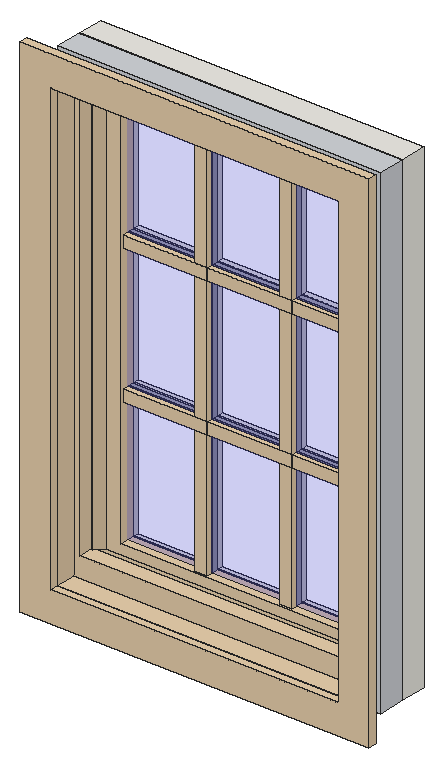
Revit family "Window-Casement-Andersen-E_Series 3", category Windows, host Wall, Revit 2013 (continued)
Dimensions and locks (in)
  aligned and locked: Masking region 6 sketch curve to plane 48 "Frame S1"
  aligned and locked: plane 42 "B Casing 1" to Masking region 6 sketch curve
  aligned and locked: plane 46 "Casing S1" to Masking region 6 sketch curve
  aligned and locked: Masking region 6 sketch curve to plane 37 "T Casing 4"
  aligned and locked: Masking region 6 sketch curve to plane 49 "Flange"
  aligned and locked: plane 7 "T Frame" to Masking region 6 sketch curve
  aligned and locked: plane 36 "T Casing 3" to curve 23
  aligned and locked: plane 46 "Casing S1" to curve 23
  aligned and locked: plane 35 "T Casing 2" to curve 23
  aligned and locked: plane 47 "Casing S2" to curve 23
  aligned and locked: plane 32 "T Casing 1" to curve 25
  aligned and locked: plane 48 "Frame S1" to curve 25
  aligned and locked: plane 29 "T Glazing" to curve 26
  aligned and locked: plane 29 "T Glazing" to curve 27
  aligned and locked: plane 29 "T Glazing" to curve 28
  aligned and locked: plane 29 "T Glazing" to curve 29
  aligned and locked: plane 50 "Glass1 S1" to curve 26
  aligned and locked: plane 51 "Glass1 S2" to curve 27
  aligned and locked: plane 52 "Glass1 S3" to curve 28
  aligned and locked: plane 53 "Glass1 S4" to curve 29
  aligned and locked: plane 37 "T Casing 4" to Masking region 7 sketch curve
  aligned and locked: plane 17 "L Casing 4" to Masking region 7 sketch curve
  aligned and locked: Masking region 7 sketch curve to plane 27 "R Casing 4"
  aligned and locked: Masking region 7 sketch curve to plane 43 "B Casing 2"
  aligned and locked: plane 7 "T Frame" to Masking region 8 sketch curve
  aligned and locked: plane 5 "L Frame" to Masking region 8 sketch curve
  aligned and locked: Masking region 8 sketch curve to plane 4 "R Frame"
  aligned and locked: Masking region 8 sketch curve to plane 6 "B Frame"
  aligned and locked: plane 29 "T Glazing" to curve 34
  aligned and locked: curve 36 to plane 18 "R Glazing"
  aligned and locked: plane 8 "L Glazing" to curve 35
  aligned and locked: curve 37 to plane 39 "B Glazing"
  aligned and locked: plane 7 "T Frame" to Masking region 9 sketch curve
  aligned and locked: Masking region 9 sketch curve to plane 4 "R Frame"
  aligned and locked: plane 5 "L Frame" to Masking region 9 sketch curve
  aligned and locked: Masking region 9 sketch curve to plane 6 "B Frame"
  aligned and locked: plane 31 "T Xjamb 1" to Masking region 10 sketch curve
  aligned and locked: Masking region 10 sketch curve to plane 21 "R Xjamb 1"
  aligned and locked: plane 11 "L Xjamb 1" to Masking region 10 sketch curve
  aligned and locked: Masking region 10 sketch curve to plane 56 "B Xjamb 1"
  aligned and locked: Masking region 10 sketch curve to plane 44 "B Int Casing"
  aligned and locked: plane 45 "L Int Casing" to Masking region 10 sketch curve
  aligned and locked: Masking region 10 sketch curve to plane 28 "R Int Casing"
  aligned and locked: plane 38 "T Int Casing" to Masking region 10 sketch curve
  aligned and locked: plane 46 "Casing S1" to curve 43
  aligned and locked: plane 48 "Frame S1" to curve 43
  aligned and locked: plane 5 "L Frame" to curve 43
  aligned and locked: Masking region 3 sketch curve to host wall
  aligned and locked: plane 31 "T Xjamb 1" to Extrusion 3 sketch curve
  aligned and locked: plane 33 "T Xjamb 2" to Extrusion 3 sketch curve
  aligned and locked: Extrusion 3 sketch curve to plane 21 "R Xjamb 1"
  aligned and locked: Extrusion 3 sketch curve to plane 23 "R Xjamb 2"
  aligned and locked: plane 11 "L Xjamb 1" to Extrusion 3 sketch curve
  aligned and locked: plane 13 "L Xjamb 2" to Extrusion 3 sketch curve
  aligned and locked: Extrusion 3 sketch curve to plane 56 "B Xjamb 1"
  aligned and locked: Extrusion 3 sketch curve to plane 41 "B Xjamb 2"
  aligned and locked: plane 31 "T Xjamb 1" to Extrusion 4 sketch curve
  aligned and locked: plane 38 "T Int Casing" to Extrusion 4 sketch curve
  aligned and locked: Extrusion 4 sketch curve to plane 21 "R Xjamb 1"
  aligned and locked: Extrusion 4 sketch curve to plane 28 "R Int Casing"
  aligned and locked: plane 11 "L Xjamb 1" to Extrusion 4 sketch curve
  aligned and locked: plane 45 "L Int Casing" to Extrusion 4 sketch curve
  aligned and locked: Extrusion 4 sketch curve to plane 56 "B Xjamb 1"
  aligned and locked: Extrusion 4 sketch curve to plane 44 "B Int Casing"
  aligned and locked: Extrusion 4 to host wall
  aligned and locked: Extrusion 4 to plane 58 "Interior Casing"
  aligned and locked: plane 42 "B Casing 1" to Extrusion 5 sketch curve
  aligned and locked: plane 48 "Frame S1" to Extrusion 5 sketch curve
  aligned and locked: Extrusion 5 sketch curve to plane 42 "B Casing 1"
  aligned and locked: plane 43 "B Casing 2" to Extrusion 5 sketch curve
  aligned and locked: plane 43 "B Casing 2" to Sweep 6 sketch curve  (x2)
  aligned and locked: plane 17 "L Casing 4" to Sweep 6 sketch curve  (x2)
  aligned and locked: Sweep 6 sketch curve to plane 27 "R Casing 4"
  aligned and locked: plane 37 "T Casing 4" to Sweep 6 sketch curve
  aligned and locked: plane 16 "L Casing 3" to Sweep 6 sketch curve
  aligned and locked: plane 47 "Casing S2" to Sweep 6 sketch curve
  aligned and locked: Sweep 6 sketch curve to plane 46 "Casing S1"
  aligned and locked: plane 49 "Flange" to Sweep 6 sketch curve
  aligned and locked: Sweep 6 sketch curve to plane 12 "L Casing 1"
  aligned and locked: Sweep 6 sketch curve to plane 47 "Casing S2"
  aligned and locked: plane 15 "L Casing 2" to Sweep 6 sketch curve
  aligned and locked: Extrusion 5 to plane 17 "L Casing 4"
  aligned and locked: plane 27 "R Casing 4" to Extrusion 5
  aligned and locked: plane 32 "T Casing 1" to Extrusion 7 sketch curve
  aligned and locked: plane 37 "T Casing 4" to Extrusion 7 sketch curve
  aligned and locked: plane 12 "L Casing 1" to Extrusion 7 sketch curve
  aligned and locked: plane 17 "L Casing 4" to Extrusion 7 sketch curve
  aligned and locked: Extrusion 7 sketch curve to plane 22 "R Casing 1"
  aligned and locked: Extrusion 7 sketch curve to plane 27 "R Casing 4"
  aligned and locked: Extrusion 7 sketch curve to plane 42 "B Casing 1"
  aligned and locked: Extrusion 7 sketch curve to plane 43 "B Casing 2"
  aligned and locked: plane 46 "Casing S1" to Extrusion 7
  aligned and locked: plane 49 "Flange" to Extrusion 7
  aligned and locked: plane 8 "L Glazing" to Extrusion 8 sketch curve
  aligned and locked: Extrusion 8 sketch curve to plane 18 "R Glazing"
  aligned and locked: plane 29 "T Glazing" to Extrusion 8 sketch curve
  aligned and locked: plane 50 "Glass1 S1" to Extrusion 8
  aligned and locked: Extrusion 8 to plane 54 "Sash1 S2"
  aligned and locked: Extrusion 9 sketch curve to plane 8 "L Glazing"
  aligned and locked: Extrusion 9 sketch curve to plane 29 "T Glazing"
  aligned and locked: plane 18 "R Glazing" to Extrusion 9 sketch curve
  aligned and locked: Extrusion 9 to plane 50 "Glass1 S1"
  aligned and locked: plane 29 "T Glazing" to Extrusion 10 sketch curve
  aligned and locked: plane 8 "L Glazing" to Extrusion 10 sketch curve
  aligned and locked: Extrusion 10 sketch curve to plane 18 "R Glazing"
  aligned and locked: plane 50 "Glass1 S1" to Extrusion 10
  aligned and locked: Extrusion 10 to plane 53 "Glass1 S4"
  aligned and locked: plane 17 "L Casing 4" to curve 44
  aligned and locked: curve 44 to plane 49 "Flange"
  aligned and locked: plane 27 "R Casing 4" to curve 45
  aligned and locked: curve 45 to plane 49 "Flange"
  aligned and locked: plane 37 "T Casing 4" to curve 46
  aligned and locked: plane 49 "Flange" to curve 46
  aligned and locked: plane 43 "B Casing 2" to curve 47
  aligned and locked: curve 47 to plane 49 "Flange"
  aligned and locked: nested 1 to plane 29 "T Glazing"
  aligned and locked: nested 1 to plane 3 "Center (Left/Right)"
  aligned and locked: plane 8 "L Glazing" to nested 2
  aligned and locked: nested 3 to plane 29 "T Glazing"
  aligned and locked: plane 8 "L Glazing" to nested 4
  aligned and locked: nested 5 to plane 29 "T Glazing"
  aligned and locked: plane 8 "L Glazing" to nested 6
  aligned and locked: plane 8 "L Glazing" to nested 7
  aligned and locked: Extrusion 5 sketch curve to plane 49 "Flange"
  aligned and locked: host wall to Masking region 11 sketch curve
  aligned and locked: plane 4 "R Frame" to Masking region 11 sketch curve
  aligned and locked: Masking region 11 sketch curve to plane 5 "L Frame"
  aligned and locked: plane 57 "Exterior Offset" to Masking region 11 sketch curve
  aligned and locked: plane 27 "R Casing 4" to Masking region 11 sketch curve
  aligned and locked: Masking region 11 sketch curve to plane 17 "L Casing 4"
  aligned and locked: plane 39 "B Glazing" to Extrusion 8 sketch curve
  aligned and locked: curve 11 to plane 66 "Sash1 S1"
  aligned and locked: plane 66 "Sash1 S1" to curve 15
  aligned and locked: plane 66 "Sash1 S1" to Extrusion 9
  aligned and locked: plane 47 "Casing S2" to curve 6
  aligned and locked: plane 46 "Casing S1" to curve 42
  aligned and locked: host wall to curve 19
  aligned and locked: plane 7 "T Frame" to Extrusion 11 sketch curve
  aligned and locked: Extrusion 11 sketch curve to plane 4 "R Frame"
  aligned and locked: Extrusion 11 sketch curve to plane 6 "B Frame"
  aligned and locked: plane 5 "L Frame" to Extrusion 11 sketch curve
  aligned and locked: plane 30 "T Ext Frame" to Extrusion 11 sketch curve
  aligned and locked: Extrusion 11 sketch curve to plane 19 "R Ext Frame"
  aligned and locked: plane 9 "L Ext Frame" to Extrusion 11 sketch curve
  aligned and locked: Extrusion 11 sketch curve to plane 40 "B Ext Frame"
  aligned and locked: plane 48 "Frame S1" to Extrusion 11
  aligned and locked: Extrusion 10 sketch curve to plane 39 "B Glazing"
  aligned and locked: plane 39 "B Glazing" to curve 28
  aligned and locked: plane 39 "B Glazing" to curve 27
  aligned and locked: plane 39 "B Glazing" to curve 29
  aligned and locked: plane 39 "B Glazing" to curve 26
  aligned and locked: plane 39 "B Glazing" to Extrusion 9 sketch curve
  aligned and locked: plane 49 "Flange" to curve 48
  aligned and locked: curve 92 to plane 49 "Flange"
  aligned and locked: curve 19 to plane 20 "R Stop"
  aligned and locked: plane 68 "L Sash" to curve 18
  aligned and locked: plane 54 "Sash1 S2" to curve 18
  aligned and locked: plane 54 "Sash1 S2" to curve 14
  aligned and locked: plane 55 "Frame S2" to Masking region 1 sketch curve
  aligned and locked: plane 69 "Stop S1" to curve 117
  aligned and locked: plane 69 "Stop S1" to curve 115
  aligned and locked: Masking region 1 sketch curve to plane 55 "Frame S2"
  aligned and locked: plane 49 "Flange" to curve 164
  aligned and locked: plane 69 "Stop S1" to Masking region 4 sketch curve
  aligned and locked: plane 55 "Frame S2" to Masking region 4 sketch curve
  aligned and locked: Masking region 4 sketch curve to plane 55 "Frame S2"
  aligned and locked: plane 71 "T Sash" to Extrusion 9 sketch curve
  aligned and locked: plane 68 "L Sash" to Extrusion 9 sketch curve
  aligned and locked: Extrusion 9 sketch curve to plane 67 "R Sash"
  aligned and locked: plane 70 "B Sash" to Extrusion 9 sketch curve
  aligned and locked: Extrusion 8 sketch curve to plane 71 "T Sash"
  aligned and locked: Extrusion 8 sketch curve to plane 68 "L Sash"
  aligned and locked: plane 67 "R Sash" to Extrusion 8 sketch curve
  aligned and locked: plane 70 "B Sash" to Extrusion 8 sketch curve
  aligned and locked: Extrusion 11 to plane 54 "Sash1 S2"
  aligned and locked: plane 72 "T Int Frame" to Extrusion 12 sketch curve
  aligned and locked: plane 74 "L Int Frame" to Extrusion 12 sketch curve
  aligned and locked: Extrusion 12 sketch curve to plane 75 "R Int Frame"
  aligned and locked: Extrusion 12 sketch curve to plane 73 "B Int Frame"
  aligned and locked: Extrusion 12 sketch curve to plane 6 "B Frame"
  aligned and locked: Extrusion 12 sketch curve to plane 4 "R Frame"
  aligned and locked: plane 7 "T Frame" to Extrusion 12 sketch curve
  aligned and locked: plane 5 "L Frame" to Extrusion 12 sketch curve
  aligned and locked: plane 54 "Sash1 S2" to Extrusion 12
  aligned and locked: Extrusion 12 to plane 55 "Frame S2"
  aligned and locked: plane 75 "R Int Frame" to Extrusion 13
  aligned and locked: Extrusion 13 to plane 74 "L Int Frame"
  aligned and locked: Extrusion 14 sketch curve to plane 54 "Sash1 S2"
  aligned and locked: Extrusion 14 sketch curve to plane 75 "R Int Frame"
  aligned and locked: plane 69 "Stop S1" to Extrusion 14 sketch curve
  aligned and locked: plane 20 "R Stop" to Extrusion 14 sketch curve
  aligned and locked: plane 10 "L Stop" to Extrusion 14 sketch curve
  aligned and locked: plane 54 "Sash1 S2" to Extrusion 14 sketch curve
  aligned and locked: Extrusion 14 sketch curve to plane 74 "L Int Frame"
  aligned and locked: Extrusion 14 sketch curve to plane 69 "Stop S1"
  aligned and locked: plane 73 "B Int Frame" to Extrusion 14
  aligned and locked: Extrusion 14 to plane 72 "T Int Frame"
  aligned and locked: plane 75 "R Int Frame" to Extrusion 15
  aligned and locked: Extrusion 15 to plane 74 "L Int Frame"
  aligned and locked: Masking region 1 sketch curve to plane 75 "R Int Frame"
  aligned and locked: Masking region 1 sketch curve to plane 74 "L Int Frame"
  aligned and locked: plane 7 "T Frame" to Sweep 16 sketch curve
  aligned and locked: plane 5 "L Frame" to Sweep 16 sketch curve
  aligned and locked: Sweep 16 sketch curve to plane 6 "B Frame"
  aligned and locked: Sweep 16 sketch curve to plane 4 "R Frame"
  aligned and locked: Sweep 16 sketch curve to plane 55 "Frame S2"
  aligned and locked: plane 65 "Xjamb S1" to Extrusion 3
  aligned and locked: host wall to Extrusion 3
  aligned and locked: Masking region 4 sketch curve to plane 72 "T Int Frame"
  aligned and locked: Masking region 4 sketch curve to plane 73 "B Int Frame"
  aligned and locked: Extrusion 17 sketch curve to plane 54 "Sash1 S2"
  aligned and locked: plane 74 "L Int Frame" to Extrusion 17 sketch curve
  aligned and locked: plane 69 "Stop S1" to Extrusion 17 sketch curve
  aligned and locked: Extrusion 17 sketch curve to plane 10 "L Stop"
  aligned and locked: plane 75 "R Int Frame" to Extrusion 17 sketch curve
  aligned and locked: plane 54 "Sash1 S2" to Extrusion 17 sketch curve
  aligned and locked: Extrusion 17 sketch curve to plane 69 "Stop S1"
  aligned and locked: Extrusion 17 sketch curve to plane 20 "R Stop"
  aligned and locked: Extrusion 17 to plane 72 "T Int Frame"
  aligned and locked: plane 73 "B Int Frame" to Extrusion 17
  aligned and locked: plane 54 "Sash1 S2" to Extrusion 18 sketch curve  (x2)
  aligned and locked: Extrusion 18 sketch curve to plane 72 "T Int Frame"
  aligned and locked: Extrusion 18 sketch curve to plane 69 "Stop S1"
  aligned and locked: plane 73 "B Int Frame" to Extrusion 18 sketch curve
  aligned and locked: Extrusion 18 to plane 74 "L Int Frame"
  aligned and locked: plane 75 "R Int Frame" to Extrusion 18
  aligned and locked: plane 72 "T Int Frame" to Extrusion 15 sketch curve
  aligned and locked: Extrusion 15 sketch curve to plane 54 "Sash1 S2"
  aligned and locked: plane 69 "Stop S1" to Extrusion 15 sketch curve
  aligned and locked: plane 54 "Sash1 S2" to Extrusion 13 sketch curve
  aligned and locked: plane 73 "B Int Frame" to Extrusion 13 sketch curve
  aligned and locked: Extrusion 13 sketch curve to plane 69 "Stop S1"
  aligned and locked: plane 18 "R Glazing" to curve 59
  aligned and locked: plane 8 "L Glazing" to curve 103
  aligned and locked: plane 76 "T Stop" to curve 38
  aligned and locked: plane 10 "L Stop" to curve 41
  aligned and locked: curve 40 to plane 77 "B Stop"
  aligned and locked: curve 39 to plane 20 "R Stop"
  aligned and locked: plane 72 "T Int Frame" to curve 214
  aligned and locked: curve 215 to plane 75 "R Int Frame"
  aligned and locked: plane 74 "L Int Frame" to curve 217
  aligned and locked: curve 216 to plane 73 "B Int Frame"
  aligned and locked: plane 71 "T Sash" to curve 218
  aligned and locked: plane 68 "L Sash" to curve 218
  aligned and locked: plane 68 "L Sash" to curve 219
  aligned and locked: plane 70 "B Sash" to curve 219
  aligned and locked: plane 67 "R Sash" to curve 219
  aligned and locked: curve 32 to plane 70 "B Sash"
  aligned and locked: plane 68 "L Sash" to curve 31
  aligned and locked: plane 71 "T Sash" to curve 30
  aligned and locked: curve 33 to plane 67 "R Sash"
  aligned and locked: plane 29 "T Glazing" to curve 162
  aligned and locked: plane 4 "R Frame" to curve 240
  aligned and locked: plane 5 "L Frame" to curve 240
  aligned and locked: host wall to curve 240
  aligned and locked: Masking region 12 sketch curve to plane 65 "Xjamb S1"  (x2)
  aligned and locked: Masking region 12 sketch curve to Sweep 16  (x3)
  aligned and locked: Masking region 12 sketch curve to plane 72 "T Int Frame"
  aligned and locked: Masking region 12 sketch curve to plane 69 "Stop S1"
  aligned and locked: plane 73 "B Int Frame" to Masking region 12 sketch curve
  aligned and locked: Masking region 13 sketch curve to plane 33 "T Xjamb 2"
  aligned and locked: plane 65 "Xjamb S1" to Masking region 13 sketch curve  (x2)
  aligned and locked: plane 72 "T Int Frame" to Masking region 13 sketch curve
  aligned and locked: plane 69 "Stop S1" to Masking region 13 sketch curve
  aligned and locked: Masking region 13 sketch curve to plane 73 "B Int Frame"
  aligned and locked: plane 41 "B Xjamb 2" to Masking region 13 sketch curve
  aligned and locked: host wall to Masking region 13 sketch curve
  aligned and locked: host wall to Masking region 14 sketch curve
  aligned and locked: Masking region 14 sketch curve to plane 44 "B Int Casing"
  aligned and locked: plane 58 "Interior Casing" to Masking region 14 sketch curve
  aligned and locked: plane 38 "T Int Casing" to Masking region 14 sketch curve
  aligned and locked: plane 65 "Xjamb S1" to curve 244
  aligned and locked: Sweep 16 to curve 244
  aligned and locked: plane 73 "B Int Frame" to curve 244
  aligned and locked: plane 65 "Xjamb S1" to curve 245
  aligned and locked: host wall to curve 245
  aligned and locked: plane 56 "B Xjamb 1" to curve 245
  aligned and locked: plane 58 "Interior Casing" to curve 246
  aligned and locked: plane 56 "B Xjamb 1" to curve 246
  aligned and locked: plane 65 "Xjamb S1" to curve 241
  aligned and locked: Sweep 16 to curve 241
  aligned and locked: plane 72 "T Int Frame" to curve 241
  aligned and locked: plane 65 "Xjamb S1" to curve 242
  aligned and locked: host wall to curve 242
  aligned and locked: plane 31 "T Xjamb 1" to curve 242
  aligned and locked: plane 58 "Interior Casing" to curve 243
  aligned and locked: plane 31 "T Xjamb 1" to curve 243
  aligned and locked: Masking region 15 sketch curve to plane 65 "Xjamb S1"  (x2)
  aligned and locked: plane 75 "R Int Frame" to Masking region 15 sketch curve
  aligned and locked: Masking region 15 sketch curve to plane 69 "Stop S1"
  aligned and locked: Masking region 15 sketch curve to plane 74 "L Int Frame"
  aligned and locked: Masking region 15 sketch curve to Sweep 16  (x3)
  aligned and locked: Masking region 16 sketch curve to plane 65 "Xjamb S1"  (x2)
  aligned and locked: plane 75 "R Int Frame" to Masking region 16 sketch curve
  aligned and locked: Masking region 16 sketch curve to plane 69 "Stop S1"
  aligned and locked: Masking region 16 sketch curve to plane 74 "L Int Frame"
  aligned and locked: plane 13 "L Xjamb 2" to Masking region 16 sketch curve
  aligned and locked: Masking region 16 sketch curve to host wall
  aligned and locked: Masking region 16 sketch curve to plane 23 "R Xjamb 2"
  aligned and locked: host wall to Masking region 17 sketch curve
  aligned and locked: plane 45 "L Int Casing" to Masking region 17 sketch curve
  aligned and locked: plane 58 "Interior Casing" to Masking region 17 sketch curve
  aligned and locked: Masking region 17 sketch curve to plane 28 "R Int Casing"
  aligned and locked: plane 65 "Xjamb S1" to curve 250
  aligned and locked: Sweep 16 to curve 250
  aligned and locked: plane 74 "L Int Frame" to curve 250
  aligned and locked: plane 65 "Xjamb S1" to curve 251
  aligned and locked: host wall to curve 251
  aligned and locked: plane 11 "L Xjamb 1" to curve 251
  aligned and locked: plane 58 "Interior Casing" to curve 252
  aligned and locked: plane 11 "L Xjamb 1" to curve 252
  aligned and locked: plane 65 "Xjamb S1" to curve 247
  aligned and locked: Sweep 16 to curve 247
  aligned and locked: plane 75 "R Int Frame" to curve 247
  aligned and locked: plane 65 "Xjamb S1" to curve 248
  aligned and locked: host wall to curve 248
  aligned and locked: plane 21 "R Xjamb 1" to curve 248
  aligned and locked: plane 58 "Interior Casing" to curve 249
  aligned and locked: plane 21 "R Xjamb 1" to curve 249
  aligned and locked: plane 6 "B Frame" to curve 165
  aligned and locked: plane 49 "Flange" to curve 165
Automatic sketch dimensions
  curve 42 to curve 42 = 0' - 0 3/8"
  curve 13 to curve 13 = 0' - 2.27971"
  Extrusion 18 sketch curve to plane 69 "Stop S1" = 0' - 0"
  curve 51 to curve 58 = 0' - 0.09496"
  curve 52 to curve 55 = 0' - 0.15771"
  curve 54 to curve 220 = 0' - 0.937"
  curve 220 to curve 50 = 0' - 0.18621"
  curve 50 to curve 54 = 0' - 0.47054"
  curve 60 to curve 58 = 0' - 0.35925"
  curve 64 to curve 63 = 0' - 0.53631"
  curve 82 to curve 59 = 0' - 0.26575"
  curve 63 to curve 62 = 0' - 0.08869"
  curve 48 to curve 51 = 0' - 2.15659"
  curve 48 to curve 51 = 0' - 0.65659"
  curve 51 to curve 57 = 0' - 0.18874"
  curve 54 to curve 53 = 0' - 0.49821"
  curve 88 to curve 62 = 0' - 0.12475"
  curve 88 to curve 86 = 0' - 0.12475"
  curve 88 to curve 87 = 0' - 0.12475"
  curve 220 to curve 53 = 0' - 1.04975"
  curve 53 to curve 54 = 0' - 0.141"
  curve 54 to curve 64 = 0' - 0.07999"
  curve 54 to curve 51 = 0' - 0.5427"
  curve 63 to curve 62 = 0' - 0.50301"
  curve 51 to curve 56 = 0' - 0.4898"
  curve 62 to curve 60 = 0' - 0 5/8"
  curve 59 to curve 59 = 0' - 0.13662"
  curve 59 to curve 83 = 0' - 0.13987"
  curve 56 to curve 57 = 0' - 0.55"
  curve 221 to curve 220 = 0' - 1"
  curve 49 to curve 221 = 0' - 0"
  curve 62 to curve 88 = 0' - 0 1/8"
  curve 51 to curve 48 = 0' - 0.33405"
  curve 86 to curve 59 = 0' - 0 1/8"
  curve 57 to curve 51 = 0' - 0.35675"
  curve 68 to curve 75 = 0' - 0.09496"
  curve 69 to curve 72 = 0' - 0.15771"
  curve 71 to curve 222 = 0' - 0.937"
  curve 222 to curve 67 = 0' - 0.18621"
  curve 67 to curve 71 = 0' - 0.47054"
  curve 77 to curve 75 = 0' - 0.35925"
  curve 81 to curve 80 = 0' - 0.53631"
  curve 84 to curve 76 = 0' - 0.26575"
  curve 80 to curve 79 = 0' - 0.08869"
  curve 65 to curve 68 = 0' - 2.15659"
  curve 65 to curve 68 = 0' - 0.65659"
  curve 68 to curve 74 = 0' - 0.18874"
  curve 71 to curve 70 = 0' - 0.49821"
  curve 91 to curve 79 = 0' - 0.12475"
  curve 91 to curve 89 = 0' - 0.12475"
  curve 91 to curve 90 = 0' - 0.12475"
  curve 222 to curve 70 = 0' - 1.04975"
  curve 70 to curve 71 = 0' - 0.141"
  curve 71 to curve 81 = 0' - 0.07999"
  curve 71 to curve 68 = 0' - 0.5427"
  curve 80 to curve 79 = 0' - 0.50301"
  curve 68 to curve 73 = 0' - 0.4898"
  curve 79 to curve 77 = 0' - 0 5/8"
  curve 76 to curve 76 = 0' - 0.13662"
  curve 76 to curve 85 = 0' - 0.13987"
  curve 73 to curve 74 = 0' - 0.55"
  curve 223 to curve 222 = 0' - 1"
  curve 66 to curve 223 = 0' - 0"
  curve 79 to curve 91 = 0' - 0 1/8"
  curve 68 to curve 65 = 0' - 0.33405"
  curve 89 to curve 76 = 0' - 0 1/8"
  curve 74 to curve 68 = 0' - 0.35675"
  curve 95 to curve 102 = 0' - 0.09496"
  curve 96 to curve 99 = 0' - 0.15771"
  curve 98 to curve 224 = 0' - 0.937"
  curve 224 to curve 94 = 0' - 0.18621"
  curve 94 to curve 98 = 0' - 0.47054"
  curve 104 to curve 102 = 0' - 0.35925"
  curve 108 to curve 107 = 0' - 0.53631"
  curve 109 to curve 103 = 0' - 0.26575"
  curve 107 to curve 106 = 0' - 0.08869"
  curve 92 to curve 95 = 0' - 2.15659"
  curve 92 to curve 95 = 0' - 0.65659"
  curve 95 to curve 101 = 0' - 0.18874"
  curve 98 to curve 97 = 0' - 0.49821"
  curve 113 to curve 106 = 0' - 0.12475"
  curve 113 to curve 111 = 0' - 0.12475"
  curve 113 to curve 112 = 0' - 0.12475"
  curve 97 to curve 224 = 0' - 1.04975"
  curve 98 to curve 97 = 0' - 0.141"
  curve 108 to curve 98 = 0' - 0.07999"
  curve 95 to curve 98 = 0' - 0.5427"
  curve 106 to curve 107 = 0' - 0.50301"
  curve 100 to curve 95 = 0' - 0.4898"
  curve 104 to curve 106 = 0' - 0 5/8"
  curve 103 to curve 103 = 0' - 0.13662"
  curve 110 to curve 103 = 0' - 0.13987"
  curve 101 to curve 100 = 0' - 0.55"
  curve 224 to curve 225 = 0' - 1"
  curve 93 to curve 225 = 0' - 0"
  curve 113 to curve 106 = 0' - 0 1/8"
  curve 92 to curve 95 = 0' - 0.33405"
  curve 103 to curve 111 = 0' - 0 1/8"
  curve 95 to curve 101 = 0' - 0.35675"
  curve 122 to curve 227 = 0' - 1"
  curve 227 to curve 119 = 0' - 1.05425"
  curve 120 to curve 124 = 0' - 0.136"
  curve 124 to curve 155 = 0' - 0.09099"
  curve 119 to curve 118 = 0' - 0.6837"
  curve 155 to curve 155 = 0' - 0.49201"
  curve 118 to curve 129 = 0' - 0.4848"
  curve 126 to curve 163 = 0' - 0 5/8"
  curve 162 to curve 161 = 0' - 0.14199"
  curve 161 to curve 160 = 0' - 0.1455"
  curve 128 to curve 128 = 0' - 0.55"
  curve 127 to curve 118 = 0' - 0.35725"
  curve 126 to curve 158 = 0' - 0 1/8"
  curve 159 to curve 162 = 0' - 0 1/8"
  curve 126 to curve 163 = 0' - 0"
  curve 126 to curve 156 = 0' - 0.08675"
  curve 161 to curve 160 = 0' - 0.27644"
  curve 155 to curve 226 = 0' - 0.54869"
  curve 226 to curve 122 = 0' - 0.52131"
  curve 226 to curve 228 = 0' - 0.70831"
  curve 228 to curve 121 = 0' - 0 3/8"
  curve 121 to curve 124 = 0' - 0.22844"
  curve 123 to curve 129 = 0' - 0.33406"
  curve 123 to curve 120 = 0' - 0.42747"
  curve 126 to curve 158 = 0' - 0"
  curve 157 to curve 162 = 0' - 0"
  curve 157 to curve 159 = 0' - 0.13544"
  curve 164 to curve 164 = 0' - 1 5/8"
  curve 122 to curve 121 = 0' - 0"
  curve 228 to curve 122 = 0' - 0"
  curve 118 to curve 164 = 0' - 0.65659"
  curve 118 to curve 164 = 0' - 0.32955"
  curve 127 to curve 118 = 0' - 0.18689"
  curve 170 to curve 230 = 0' - 1"
  curve 230 to curve 167 = 0' - 1.05425"
  curve 168 to curve 172 = 0' - 0.136"
  curve 172 to curve 178 = 0' - 0.09099"
  curve 167 to curve 166 = 0' - 0.6837"
  curve 178 to curve 178 = 0' - 0.49201"
  curve 166 to curve 177 = 0' - 0.4848"
  curve 174 to curve 186 = 0' - 0 5/8"
  curve 185 to curve 184 = 0' - 0.14199"
  curve 184 to curve 183 = 0' - 0.1455"
  curve 176 to curve 176 = 0' - 0.55"
  curve 175 to curve 166 = 0' - 0.35725"
  curve 174 to curve 181 = 0' - 0 1/8"
  curve 182 to curve 185 = 0' - 0 1/8"
  curve 174 to curve 186 = 0' - 0"
  curve 174 to curve 179 = 0' - 0.08675"
  curve 184 to curve 183 = 0' - 0.27644"
  curve 178 to curve 229 = 0' - 0.54869"
  curve 229 to curve 170 = 0' - 0.52131"
  curve 229 to curve 231 = 0' - 0.70831"
  curve 231 to curve 169 = 0' - 0 3/8"
  curve 169 to curve 172 = 0' - 0.22844"
  curve 171 to curve 177 = 0' - 0.33406"
  curve 171 to curve 168 = 0' - 0.42747"
  curve 174 to curve 181 = 0' - 0"
  curve 180 to curve 185 = 0' - 0"
  curve 180 to curve 182 = 0' - 0.13544"
  curve 187 to curve 187 = 0' - 1 5/8"
  curve 170 to curve 169 = 0' - 0"
  curve 231 to curve 170 = 0' - 0"
  curve 166 to curve 187 = 0' - 0.65659"
  curve 166 to curve 187 = 0' - 0.32955"
  curve 175 to curve 166 = 0' - 0.18689"
  curve 133 to curve 233 = 0' - 0"
  curve 232 to curve 131 = 0' - 0.17119"
  curve 232 to curve 130 = 0' - 0.399"
  curve 134 to curve 135 = 0' - 1.04975"
  curve 130 to curve 140 = 0' - 0.78675"
  curve 140 to curve 146 = 0' - 0.07999"
  curve 137 to curve 136 = 0' - 0.6837"
  curve 146 to curve 147 = 0' - 0.50301"
  curve 136 to curve 144 = 0' - 0.4848"
  curve 145 to curve 152 = 0' - 0 5/8"
  curve 151 to curve 152 = 0' - 0.13649"
  curve 152 to curve 153 = 0' - 0.14"
  curve 143 to curve 143 = 0' - 0.55"
  curve 234 to curve 233 = 0' - 1.0045"
  curve 135 to curve 234 = 0' - 0"
  curve 132 to curve 232 = 0' - 1.0045"
  curve 145 to curve 149 = 0' - 0 1/8"
  curve 136 to curve 165 = 0' - 0.32955"
  curve 148 to curve 141 = 0' - 0 1/8"
  curve 142 to curve 136 = 0' - 0.35725"
  curve 136 to curve 144 = 0' - 0.09316"
  curve 143 to curve 139 = 0' - 0.34475"
  curve 139 to curve 138 = 0' - 0.218"
  curve 134 to curve 234 = 0' - 0 3/8"
  curve 233 to curve 134 = 0' - 0.34"
  curve 133 to curve 130 = 0' - 0.2225"
  curve 130 to curve 151 = 0' - 0 5/32"
  curve 141 to curve 154 = 0' - 0.359"
  curve 232 to curve 132 = 0' - 0.37625"
  curve 146 to curve 147 = 0' - 0.53631"
  curve 146 to curve 147 = 0' - 0.08869"
  curve 153 to curve 153 = 0' - 0.266"
  curve 165 to curve 136 = 0' - 2.28159"
  curve 165 to curve 136 = 0' - 0.65659"
  curve 136 to curve 142 = 0' - 0.18664"
  curve 131 to curve 140 = 0' - 0.05413"
  curve 150 to curve 151 = 0' - 0 1/8"
  curve 150 to curve 148 = 0' - 0 1/8"
  curve 145 to curve 149 = 0' - 0"
  curve 191 to curve 236 = 0' - 0"
  curve 235 to curve 189 = 0' - 0.17119"
  curve 235 to curve 188 = 0' - 0.399"
  curve 192 to curve 193 = 0' - 1.04975"
  curve 188 to curve 198 = 0' - 0.78675"
  curve 198 to curve 204 = 0' - 0.07999"
  curve 195 to curve 194 = 0' - 0.6837"
  curve 204 to curve 205 = 0' - 0.50301"
  curve 194 to curve 202 = 0' - 0.4848"
  curve 203 to curve 210 = 0' - 0 5/8"
  curve 209 to curve 210 = 0' - 0.13649"
  curve 210 to curve 211 = 0' - 0.14"
  curve 201 to curve 201 = 0' - 0.55"
  curve 237 to curve 236 = 0' - 1.0045"
  curve 193 to curve 237 = 0' - 0"
  curve 190 to curve 235 = 0' - 1.0045"
  curve 203 to curve 207 = 0' - 0 1/8"
  curve 194 to curve 213 = 0' - 0.32955"
  curve 206 to curve 199 = 0' - 0 1/8"
  curve 200 to curve 194 = 0' - 0.35725"
  curve 194 to curve 202 = 0' - 0.09316"
  curve 201 to curve 197 = 0' - 0.34475"
  curve 197 to curve 196 = 0' - 0.218"
  curve 192 to curve 237 = 0' - 0 3/8"
  curve 236 to curve 192 = 0' - 0.34"
  curve 191 to curve 188 = 0' - 0.2225"
  curve 188 to curve 209 = 0' - 0 5/32"
  curve 199 to curve 212 = 0' - 0.359"
  curve 235 to curve 190 = 0' - 0.37625"
  curve 204 to curve 205 = 0' - 0.53631"
  curve 204 to curve 205 = 0' - 0.08869"
  curve 211 to curve 211 = 0' - 0.266"
  curve 213 to curve 194 = 0' - 2.28159"
  curve 213 to curve 194 = 0' - 0.65659"
  curve 194 to curve 200 = 0' - 0.18664"
  curve 189 to curve 198 = 0' - 0.05413"
  curve 208 to curve 209 = 0' - 0 1/8"
  curve 208 to curve 206 = 0' - 0 1/8"
  curve 203 to curve 207 = 0' - 0"
  curve 117 to plane 20 "R Stop" = 0' - 0"
  curve 115 to plane 10 "L Stop" = 0' - 0"
  curve 114 to plane 54 "Sash1 S2" = 0' - 0"
  curve 117 to plane 54 "Sash1 S2" = 0' - 0"
  curve 116 to plane 67 "R Sash" = 0' - 0"
  curve 114 to plane 68 "L Sash" = 0' - 0"
  curve 5 to plane 22 "R Casing 1" = 0' - 0"
  curve 13 to plane 67 "R Sash" = 0' - 0"
  curve 14 to plane 48 "Frame S1" = 0' - 0"
  curve 6 to plane 48 "Frame S1" = 0' - 0"
  curve 42 to plane 4 "R Frame" = 0' - 0"
  curve 42 to plane 48 "Frame S1" = 0' - 0"
  host wall to curve 20 = 0' - 0"
  curve 21 to plane 10 "L Stop" = 0' - 0"
Nested families (in)
  nested 1: "Andersen Grille Bar" at (0, 1.89325, 64.25) x (-1, 0, 0) z (0, 1, 0), Center Line <- "Bar Center Line", Bar Length <- "TS V Bar Length", Bar Width <- "Grille Bar Size", visible <- "TS S V", type "Andersen Grille Bar"
    with Glass / 2 0' - 0 1/8", Glass 0' - 0 5/8", Center Line Length 2' - 5 15/16", Center Line 2, Bar Width 0' - 0 7/8", Bar Length 2' - 5 15/16"
  nested 2: "Andersen Grille Bar" at (0, 1.89325, 64.25) x (0, 0, -1) z (0, 1, 0), Bar Length <- "H DLO", visible <- "TS S H", Bar Width <- "Horizontal Craftsman Bar Size", type "Andersen Grille Bar"
    with Glass / 2 0' - 0 1/8", Glass 0' - 0 5/8", Center Line Length 1' - 5 15/16", Center Line 2, Bar Width 0' - 0 7/8", Bar Length 1' - 5 15/16"
  nested 3: "Andersen Grille Bar" at (3.13542, 1.89325, 64.25) x (-1, 0, 0) z (0, 1, 0), Center Line <- "Bar Center Line", Bar Length <- "TS V Bar Length", Bar Width <- "Grille Bar Size", visible <- "TS M V", type "Andersen Grille Bar"
    with Glass / 2 0' - 0 1/8", Glass 0' - 0 5/8", Center Line Length 2' - 5 15/16", Center Line 2, Bar Width 0' - 0 7/8", Bar Length 2' - 5 15/16"
  nested 4: "Andersen Grille Bar" at (0, 1.89325, 59.11458) x (0, 0, -1) z (0, 1, 0), Center Line <- "Bar Center Line", Bar Length <- "H DLO", visible <- "TS M H", Bar Width <- "Grille Bar Size", type "Andersen Grille Bar"
    with Glass / 2 0' - 0 1/8", Glass 0' - 0 5/8", Center Line Length 1' - 5 15/16", Center Line 2, Bar Width 0' - 0 7/8", Bar Length 1' - 5 15/16"
  nested 5: "Andersen Grille Bar" at (-3.13542, 1.89325, 64.25) x (-1, 0, 0) z (0, 1, 0), Center Line <- "Bar Center Line", Bar Length <- "TS V Bar Length", Bar Width <- "Grille Bar Size", visible <- "TS M V", type "Andersen Grille Bar"
    with Glass / 2 0' - 0 1/8", Glass 0' - 0 5/8", Center Line Length 2' - 5 15/16", Center Line 2, Bar Width 0' - 0 7/8", Bar Length 2' - 5 15/16"
  nested 6: "Andersen Grille Bar" at (0, 1.89325, 69.38542) x (0, 0, -1) z (0, 1, 0), Center Line <- "Bar Center Line", Bar Length <- "H DLO", visible <- "TS M H", Bar Width <- "Grille Bar Size", type "Andersen Grille Bar"
    with Glass / 2 0' - 0 1/8", Glass 0' - 0 5/8", Center Line Length 1' - 5 15/16", Center Line 2, Bar Width 0' - 0 7/8", Bar Length 1' - 5 15/16"
  nested 7: "Andersen Grille Bar" at (0, 1.89325, 64.25) x (0, 0, -1) z (0, 1, 0), Bar Length <- "H DLO", visible <- "TS S H Craftsman", Bar Width <- "Grille Bar Size", type "Andersen Grille Bar"
    with Glass / 2 0' - 0 1/8", Glass 0' - 0 5/8", Center Line Length 1' - 5 15/16", Center Line 2, Bar Width 0' - 0 7/8", Bar Length 1' - 5 15/16"
Definition of nested family "Andersen Grille Bar"
  Parameters (values of type "Andersen Grille Bar")
    Interior Bar Visibility = yes
    Interior Bar Material = none
    Glass / 2 [instance] = (Glass / 2) - 0' 0 3/16"  # 0' - 0 1/8"
    Glass [instance] = 0' - 0 5/8"
    Exterior Bar Visibility = yes
    Exterior Bar Finish = none
    Default Elevation = 4' - 0"
    Center Line Length [instance] = if(Center Line = 1, Bar Length + (Bar Width / 2), Bar Length)  # 0' - 4 7/16"
    Center Line [instance] = 1
    Between Glass Bar Visibility = yes
    Between Glass Bar Finish = none
    Bar Width [instance] = 0' - 0 7/8"
    Bar Length [instance] = 0' - 4"
  Reference planes (in)
    plane 1 "Center (Front/Back)": y = 0
    plane 2 "a": z = 0
    plane 3 "Center (Left/Right)": x = 0
    plane 4 "1": x = -0.4375
    plane 5 "2": x = 0.4375
    plane 6: y = 2
    plane 7: y = -2
    plane 8 "b": z = -0.625
    plane 9: z = -0.125
    plane 10: y = -2.4375
    plane 11 "a1": z = 12
    plane 12 "a2": z = -12
  Forms (in)
    Extrusion 1, solid
      sketch origin (0, 0, 0) x (1, 0, 0) y (0, 1, 0)
        loop
          line (-48, 48) -> (-48, -48) -> (48, -48) -> (48, 48) -> (-48, 48)
      from 0 to -12
    Extrusion 2, solid, material <- "Exterior Bar Finish", visible <- "Exterior Bar Visibility", detail levels fine
      sketch origin (0, 0, 0) x (1, 0, 0) y (0, 1, 0)
        loop
          line (-0.4375, 2) -> (-0.4375, -2) -> (0.4375, -2) -> (0.4375, 2) -> (-0.4375, 2)
      from 0 to 0.375
    Extrusion 3, solid, material <- "Between Glass Bar Finish", visible <- "Between Glass Bar Visibility", detail levels fine
      sketch origin (0, 0, 0) x (1, 0, 0) y (0, 1, 0)
        loop
          line (-0.4375, 2) -> (-0.4375, -2) -> (0.4375, -2) -> (0.4375, 2) -> (-0.4375, 2)
      from -0.5 to -0.125
    Extrusion 4, solid, material <- "Interior Bar Material", visible <- "Interior Bar Visibility", detail levels fine
      sketch origin (0, 0, 0) x (1, 0, 0) y (0, 1, 0)
        loop
          line (-0.4375, 2) -> (-0.4375, -2) -> (0.4375, -2) -> (0.4375, 2) -> (-0.4375, 2)
      from -1 to -0.625
  Lines and regions (in)
    model lines, style "GenericModel", detail levels coarse+medium
      curve 1: line (0, 2, 0) -> (0, -2.4375, 0)
    symbolic lines, style "GenericModel", detail levels coarse+medium
      curve 2: line (0, 2, 12) -> (0, -2.4375, 12)
      curve 3: line (0, 2, -12) -> (0, -2.4375, -12)
    model lines, style "InvisibleLines", not visible, detail levels coarse
      curve 4: line (0, 0, 12) -> (0, 0, -12)
    symbolic lines, detail levels fine
      curve 5: line (-0.4375, 2, 0) -> (-0.4375, -2, 0)
      curve 6: line (0.4375, 2, 0) -> (0.4375, -2, 0)
  Dimensions and locks (in)
    "Glass": plane 2 "a" to plane 8 "b"
    "Glass / 2": plane 2 "a" to plane 9
    locked: Extrusion 2 to Extrusion 2 at 0.375
    locked: plane 9 to Extrusion 3 at 0.375
    locked: plane 8 "b" to Extrusion 4 at 0.375
    equal spacing: plane 4 "1", plane 3 "Center (Left/Right)", plane 5 "2"
    equal spacing: plane 6, plane 1 "Center (Front/Back)", plane 7
    "Bar Width": plane 4 "1" to plane 5 "2"
    "Bar Length": plane 6 to plane 7
    "Center Line Length": plane 6 to plane 10
    locked: plane 11 "a1" to plane 2 "a" at 12
    locked: plane 2 "a" to plane 12 "a2" at 12
    aligned and locked: plane 2 "a" to Extrusion 1
    aligned and locked: level to Extrusion 1
    aligned and locked: Extrusion 2 to plane 2 "a"
    aligned and locked: Extrusion 2 to plane 4 "1"
    aligned and locked: plane 5 "2" to Extrusion 2
    aligned and locked: plane 6 to Extrusion 2
    aligned and locked: Extrusion 2 to plane 7
    aligned and locked: plane 9 to Extrusion 3
    aligned and locked: Extrusion 3 to plane 4 "1"
    aligned and locked: plane 5 "2" to Extrusion 3
    aligned and locked: plane 6 to Extrusion 3
    aligned and locked: Extrusion 3 to plane 7
    aligned and locked: plane 8 "b" to Extrusion 4
    aligned and locked: Extrusion 4 to plane 4 "1"
    aligned and locked: plane 5 "2" to Extrusion 4
    aligned and locked: plane 6 to Extrusion 4
    aligned and locked: Extrusion 4 to plane 7
    aligned and locked: plane 6 to curve 1
    aligned and locked: plane 10 to curve 1
    aligned and locked: curve 1 to plane 3 "Center (Left/Right)"
    aligned and locked: plane 6 to curve 2
    aligned and locked: plane 10 to curve 2
    aligned and locked: curve 2 to plane 3 "Center (Left/Right)"
    aligned and locked: plane 6 to curve 3
    aligned and locked: plane 10 to curve 3
    aligned and locked: curve 3 to plane 3 "Center (Left/Right)"
    aligned and locked: plane 11 "a1" to curve 4
    aligned and locked: plane 12 "a2" to curve 4
    aligned and locked: curve 4 to plane 1 "Center (Front/Back)"
    aligned and locked: plane 6 to curve 5
    aligned and locked: plane 6 to curve 6
    aligned and locked: plane 7 to curve 6
    aligned and locked: plane 7 to curve 5
    aligned and locked: curve 5 to plane 4 "1"
    aligned and locked: curve 6 to plane 5 "2"
  Automatic sketch dimensions
    Extrusion 1 sketch curve to Extrusion 1 sketch curve = 8' - 0"  (x2)
    plane 7 to Extrusion 2 sketch curve = 0' - 0"
    Extrusion 2 sketch curve to plane 5 "2" = 0' - 0 7/8"
    Extrusion 2 sketch curve to plane 6 = 0' - 0"
    Extrusion 2 sketch curve to Extrusion 2 sketch curve = 0' - 0 7/8"
    plane 7 to Extrusion 3 sketch curve = 0' - 0"
    Extrusion 3 sketch curve to plane 5 "2" = 0' - 0 7/8"
    Extrusion 3 sketch curve to plane 6 = 0' - 0"
    Extrusion 3 sketch curve to Extrusion 3 sketch curve = 0' - 0 7/8"
    Extrusion 4 sketch curve to plane 7 = 0' - 0"
    Extrusion 4 sketch curve to plane 5 "2" = 0' - 0 7/8"
    Extrusion 4 sketch curve to plane 6 = 0' - 0"
    Extrusion 4 sketch curve to Extrusion 4 sketch curve = 0' - 0 7/8"
